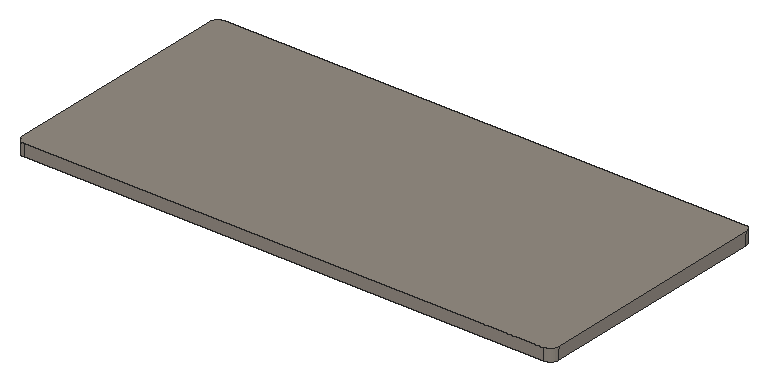
Revit family "Worksurface-Teknion-HNBWRN_Navigate_Rectangular-R2016", category Furniture, Revit 2016
Family settings
  OmniClass Number = 23.40.20.00
  OmniClass Title = General Furniture and Specialties
  Work Plane-Based = No
  Always vertical = Yes
  Cut with Voids When Loaded = No
  Shared = Yes
  Room Calculation Point = No
Parameters (values of type "Rounded (Leverage) Corner Profile")
  Width [instance] = 46.000"
  Warranty = "http://www.teknion.com/ca/papers/legal-canada"
  Unit Weight URL = "http://www.teknion.com/ca/tools/assets#&asset=bee6a381-b954-425e-8283-5a2de3a804f2,f828d448-4b62-4231-9e5f-9a8991c0ed77"
  URL = "www.teknion.com"
  To render please download texture images found here [instance] = "https://assets.teknion.com/web/5e81352c1dfdb467/revit-material-swatches/"
  Sustainability Data = "https://www.teknion.com/ca/tools/assets#&topic=216f99a5-57a0-44fc-b10a-9dee9b29ae4c&asset=444deb64-fe58-4b68-981e-f75e97781df7,b4ff2d81-9f2e-437d-9659-7cffb09c31cf"
  Surface Finish [instance] = Veneer - Teknion - Q9 - Mercurial Walnut
  Square Corner Profile = no
  Series = "Navigate Height-Adjustable Bench"  # constant formula
  Rounded (Leverage) Corner Profile = not(Square Corner Profile)  # yes
  Round Corner Profile Cut Hole Depth = if([Rounded (Leverage) Corner Profile], 7.000", 3.250")  # 7.000"
  Product Page URL = "https://www.teknion.com/ca/products/product-details?productLineId=8551336e-8e7a-673b-a6c8-ff00004460c4"
  Product Line = "Navigate Height-Adjustable Bench"  # constant formula
  Product Documentation Link = "https://www.teknion.com/pricing/hab/pdfs/HNBWRN_ppg.pdf"
  Part Number = "HNBWRN"  # constant formula
  Model = "HNBWRN____1"
  Manufacturer Phone = "416-661-3370"  # constant formula
  Manufacturer Fax = "416.661.4586"  # constant formula
  Manufacturer Contact Information = "http://www.teknion.com/ca/contactus"
  Manufacturer Address = "1150 Flint Road, Toronto, ON. M3J 2J5. Canada"  # constant formula
  Manufacturer = "Teknion"  # constant formula
  How To Use Teknion Materials User Guide [instance] = "https://assets.teknion.com/m/205dd0a49fa58060/original/How-to-add-a-Material-Library-and-Texture-Images-to-your-Revit-project.pdf"
  Height [instance] = 29.000"
  For Additional Finishes please visit [instance] = "https://assets.teknion.com/m/44a8009b046e5d47/original/Teknion_Materials_Library.zip"
  Description = "Navigate Rectangular Worksurface, Rounded (Leverage) Corner Profile"
  Depth [instance] = 22.000"
  Available Widths [instance] = "46, 52, 58, 64, 70, 76, 82, 88, 94 inches."  # constant formula
  Available Heights [instance] = "22.6 inches to 48.7 inches."  # constant formula
  Available Depths [instance] = "22, 23, 28, 29, 34, 35 inches."  # constant formula
  Assembly Code = "E2020200"
  Actual Depth [instance] = Depth - 0.500"  # 21.500"
Types (3): name | Square Corner Profile | Rounded (Leverage) Corner Profile | Round Corner Profile Cut Hole Depth | Model | Description
  (no name) | no | yes | 7.000" | "HNBWRN____1" | "Navigate Rectangular Worksurface, Rounded (Leverage) Corner Profile"
  Rounded (Leverage) Corner Profile | no | yes | 7.000" | "HNBWRN____1" | "Navigate Rectangular Worksurface, Rounded (Leverage) Corner Profile"
  Square Corner Profile | yes | no | 3.250" | "HNBWRN____2" | "Navigate Rectangular Worksurface, Square Corner Profile"
Reference planes (in)
  plane 1 "Center Front/Back": y = -7.03401
  plane 2: z = 0
  plane 3 "Center Left/Right": x = 0.14386
  plane 4 "Left": x = -22.85614
  plane 5 "Right": x = 23.14386
  plane 6 "Back": y = 3.71599
  plane 7 "Front": y = -17.78401
  plane 8 "Top": z = 29
  plane 9: z = 28
  plane 10: z = 33.75
Forms (in)
  Sweep 1, solid, material "Veneer - Teknion - Q9 - Mercurial Walnut" <- "Surface Finish"
    path origin (0, -7.03401, 0) x (1, 0, 0) y (0, 0, 1)
      loop
        line (0.14386, 29) -> (0.14386, 28)
    profile origin (0.14386, -7.03401, 28.5) x (0, -1, 0) y (1, 0, 0)
      loop
        line (-10.75, -23) -> (10.75, -23) -> (10.75, 23) -> (-10.75, 23) -> (-10.75, -23)
  Sweep 2, void
    path origin (0, -7.03401, 0) x (1, 0, 0) y (0, 0, 1)
      loop
        line (0.14386, 33.75) -> (0.14386, 26.75)
    profile origin (0.14386, -7.03401, 30.25) x (0, -1, 0) y (1, 0, 0)
      loop
        line (-10.75, -23) -> (-10.00197, -23)
        arc (-10.00197, -23) -> (-10.53091, -22.78091) -> (-10.75, -22.25197) r 0.74803
        line (-10.75, -22.25197) -> (-10.75, -23)
      loop
        line (-10.75, 23) -> (-10.75, 22.25197)
        arc (-10.75, 22.25197) -> (-10.53091, 22.78091) -> (-10.00197, 23) r 0.74803
        line (-10.00197, 23) -> (-10.75, 23)
      loop
        line (10.75, -23) -> (10.75, -22.25197)
        arc (10.75, -22.25197) -> (10.53091, -22.78091) -> (10.00197, -23) r 0.74803
        line (10.00197, -23) -> (10.75, -23)
      loop
        line (10.75, 23) -> (10.00197, 23)
        arc (10.00197, 23) -> (10.53091, 22.78091) -> (10.75, 22.25197) r 0.74803
        line (10.75, 22.25197) -> (10.75, 23)
Cuts and joins
  Sweep 2 cuts Sweep 1
Lines and regions (in)
  Masking region 1, visible <- "Rounded (Leverage) Corner Profile"
    outline origin (0, 0, 0) x (1, 0, 0) y (0, 1, 0)
      loop
        arc (-22.10811, 3.71599) -> (-22.63705, 3.4969) -> (-22.85614, 2.96796) r 0.74803
        line (-22.85614, 2.96796) -> (-22.85614, -17.03598)
        arc (-22.85614, -17.03598) -> (-22.63705, -17.56491) -> (-22.10811, -17.78401) r 0.74803
        line (-22.10811, -17.78401) -> (22.39583, -17.78401)
        arc (22.39583, -17.78401) -> (22.92476, -17.56491) -> (23.14386, -17.03598) r 0.74803
        line (23.14386, -17.03598) -> (23.14386, 2.96796)
        arc (23.14386, 2.96796) -> (22.92476, 3.4969) -> (22.39583, 3.71599) r 0.74803
        line (22.39583, 3.71599) -> (-22.10811, 3.71599)
  Masking region 2, visible <- "Square Corner Profile"
    outline origin (0, 0, 0) x (1, 0, 0) y (0, 1, 0)
      loop
        line (-22.85614, 3.71599) -> (-22.85614, -17.78401) -> (23.14386, -17.78401) -> (23.14386, 3.71599) -> (-22.85614, 3.71599)
  reference lines
    curve 1: line (-22.85614, 3.71599, 0) -> (-22.85614, -17.78401, 0)
    curve 2: line (-22.85614, 3.71599, 0) -> (23.14386, 3.71599, 0)
    curve 3: line (23.14386, 3.71599, 0) -> (23.14386, -17.78401, 0)
    curve 4: line (-22.85614, -17.78401, 0) -> (23.14386, -17.78401, 0)
Dimensions and locks (in)
  "Width": plane 4 "Left" to plane 5 "Right"
  "Actual Depth": plane 6 "Back" to plane 7 "Front"
  "Height": plane 8 "Top" to level
  locked: plane 8 "Top" to plane 9 at 1
  equal spacing: plane 4 "Left", plane 3 "Center Left/Right", plane 5 "Right"
  equal spacing: plane 7 "Front", plane 1 "Center Front/Back", plane 6 "Back"
  locked: plane 10 to plane 8 "Top" at 4.75
  "Round Corner Profile Cut Hole Depth": plane 10 to Sweep 2 sketch curve
  locked: plane 6 "Back" to Sweep 2 sketch curve at 0.74803  (x2)
  locked: plane 4 "Left" to Sweep 2 sketch curve at 0.74803  (x2)
  locked: Sweep 2 sketch curve to plane 5 "Right" at 0.74803  (x2)
  locked: plane 7 "Front" to Sweep 2 sketch curve at 0.74803  (x2)
  locked: plane 6 "Back" to Masking region 1 sketch curve at 0.74803  (x2)
  locked: Masking region 1 sketch curve to plane 5 "Right" at 0.74803  (x2)
  locked: plane 7 "Front" to Masking region 1 sketch curve at 0.74803  (x2)
  locked: plane 4 "Left" to Masking region 1 sketch curve at 0.74803  (x2)
  aligned and locked: level to plane 2
  aligned and locked: plane 8 "Top" to Sweep 1 sketch curve
  aligned and locked: plane 9 to Sweep 1 sketch curve
  aligned and locked: Sweep 1 sketch curve to plane 5 "Right"
  aligned and locked: Sweep 1 sketch curve to plane 7 "Front"
  aligned and locked: Sweep 1 sketch curve to plane 4 "Left"
  aligned and locked: Sweep 1 sketch curve to plane 6 "Back"
  aligned and locked: plane 10 to Sweep 2 sketch curve
  aligned and locked: Sweep 2 sketch curve to plane 6 "Back"  (x2)
  aligned and locked: Sweep 2 sketch curve to plane 4 "Left"  (x2)
  aligned and locked: Sweep 2 sketch curve to plane 5 "Right"  (x2)
  aligned and locked: Sweep 2 sketch curve to plane 7 "Front"  (x2)
  aligned and locked: Masking region 1 sketch curve to plane 4 "Left"
  aligned and locked: plane 7 "Front" to Masking region 1 sketch curve
  aligned and locked: plane 5 "Right" to Masking region 1 sketch curve
  aligned and locked: Masking region 2 sketch curve to plane 6 "Back"
  aligned and locked: Masking region 2 sketch curve to plane 4 "Left"
  aligned and locked: Masking region 2 sketch curve to plane 5 "Right"
  aligned and locked: Masking region 2 sketch curve to plane 7 "Front"
  aligned and locked: curve 1 to plane 4 "Left"
  aligned and locked: curve 2 to plane 6 "Back"
  aligned and locked: curve 3 to plane 5 "Right"
  aligned and locked: curve 4 to plane 7 "Front"
Automatic sketch dimensions
  Sweep 1 sketch curve to plane 3 "Center Left/Right" = 0.000"
  Sweep 2 sketch curve to Sweep 2 sketch curve = 0.000"  (x12)
  Sweep 2 sketch curve to plane 3 "Center Left/Right" = 0.000"
